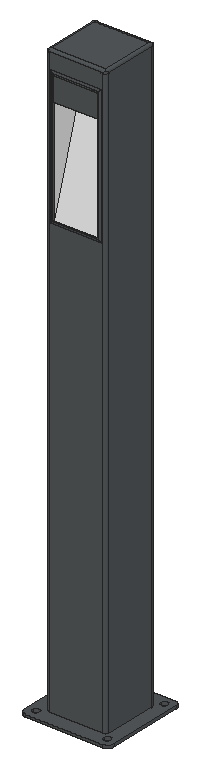
Revit family "svetilnik_alfresco_ar deko_dtu19", category Lighting Fixtures, Revit 2016 (continued)
Definition of nested family "Источник света Ар_Деко"
  Types (5, lengths in mm): name | Photometric Web File | built-in parameter 1150142
      .6      17.1\r\n      70.7     127.6     169.2     200.9     233.3     270.9     318.0     360.7\r\n     412.2     478.7     503.3     505.5     507.3     507.4     503.8     503.1\r\n     503.7     501.1     501.8     500.2     497.7     495.5     490.5     489.3\r\n     486.2     483.3     479.6     478.9     475.2     473.6     465.7     460.3\r\n     458.4     453.9     450.2     443.7     436.4     434.0     427.0     424.6\r\n     420.4     413.0     405.2     393.4     376.0     350.9     326.7     296.4\r\n     278.8     261.1     242.1     230.1     219.4     206.0     188.9     175.8\r\n     164.5     149.4     137.8     125.5     112.2      96.6      78.5      64.0\r\n      51.0      39.0      23.5       7.4       1.4       0.2       0.2       0.2\r\n       0.2       0.2       0.2       0.2       0.2       0.2       0.2       0.2\r\n       0.2       0.2       0.2       0.2       0.2       0.2       0.2       0.2\r\n       0.2       0.2       0.2       0.2       0.2       0.2       0.2       0.2\r\n       0.2       0.2       0.2       0.2       0.2       0.2       0.2       0.2\r\n       0.2       0.2       0.2       0.2       0.2       0.2       0.2       0.2\r\n       0.2       0.2       0.2       0.2       0.2       0.2       0.2       0.2\r\n       0.2       0.2       0.2       0.2       0.2       0.2       0.2       0.2\r\n       0.2       0.2       0.2       0.2       0.2       0.2       0.2       0.2\r\n       0.2       0.2       0.2       0.2       0.2       0.2       0.2       0.2\r\n       0.2       0.2       0.2       0.2       0.2       0.2       0.2       0.2\r\n       0.2       0.2       0.2       0.1       0.1       0.1       0.0       0.0\r\n       0.0       0.1       0.0       0.0       0.0\r\n       0.0       0.0       0.3       0.2       0.2       0.2       0.2       0.2\r\n       0.2       0.3       0.3       0.3       0.3       0.3       5.4      42.1\r\n     104.4     155.2     190.4     224.0     260.7     306.6     353.2     401.1\r\n     468.3     505.9     515.3     514.4     515.1     513.3     511.9     512.3\r\n     511.4     508.1     503.7     502.5     502.3     499.8     501.4     499.0\r\n     495.2     490.1     489.9     484.8     484.4     476.4     476.3     476.7\r\n     471.3     463.1     458.1     455.8     447.8     442.1     439.2     432.1\r\n     425.8     417.7     407.5     391.4     367.5     337.0     309.3     291.4\r\n     274.2     260.3     243.4     230.0     218.1     199.7     186.0     177.4\r\n     163.4     147.4     136.6     125.3     106.9      91.7      75.2      63.9\r\n      54.9      38.2      20.3       2.6       0.3       0.2       0.2       0.2\r\n       0.2       0.2       0.2       0.2       0.2       0.2       0.2       0.2\r\n       0.2       0.2       0.2       0.2       0.2       0.2       0.2       0.2\r\n       0.2       0.2       0.2       0.2       0.2       0.2       0.2       0.2\r\n       0.2       0.2       0.2       0.2       0.2       0.2       0.2       0.2\r\n       0.2       0.2       0.2       0.2       0.2       0.2       0.2       0.2\r\n       0.2       0.2       0.2       0.2       0.2       0.2       0.2       0.2\r\n       0.2       0.2       0.2       0.2       0.2       0.2       0.2       0.2\r\n       0.2       0.2       0.2       0.2       0.2       0.2       0.2       0.2\r\n       0.2       0.2       0.2       0.2       0.2       0.2       0.2       0.2\r\n       0.2       0.2       0.2       0.2       0.2       0.2       0.2       0.2\r\n       0.2       0.2       0.2       0.1       0.1       0.1       0.0       0.0\r\n       0.0       0.1       0.0       0.0       0.0\r\n       0.0       0.0       0.3       0.2       0.3       0.2       0.2       0.2\r\n       0.2       0.3       0.3       0.3       0.3       0.5      14.8      70.1\r\n     134.3     177.3     210.4     247.0     291.6     339.1     382.2     449.7\r\n     510.8     519.7     519.7     521.6     521.5     517.1     518.0     517.1\r\n     515.1     514.8     513.7     513.0     512.1     512.4     507.9     502.8\r\n     502.5     500.8     495.2     492.0     487.9     492.2     486.0     476.8\r\n     475.7     472.9     466.5     459.8     457.2     451.4     446.4     441.2\r\n     432.4     420.4     405.7     381.4     353.1     326.7     306.2     291.8\r\n     273.0     256.2     245.4     234.2     216.9     202.7     190.6     180.3\r\n     165.8     148.6     139.2     124.4     105.4      89.4      76.2      64.5\r\n      51.4      33.9      16.4       3.6       0.3       0.2       0.2       0.2\r\n       0.2       0.2       0.2       0.2       0.2       0.2       0.2       0.2\r\n       0.2       0.2       0.2       0.2       0.2       0.2       0.2       0.2\r\n       0.2       0.2       0.2       0.2       0.2       0.2       0.2       0.2\r\n       0.2       0.2       0.2       0.2       0.2       0.2       0.2       0.2\r\n       0.2       0.2       0.2       0.2       0.2       0.2       0.2       0.2\r\n       0.2       0.2       0.2       0.2       0.2       0.2       0.2       0.2\r\n       0.2       0.2       0.2       0.2       0.2       0.2       0.2       0.2\r\n       0.2       0.2       0.2       0.2       0.2       0.2       0.2       0.2\r\n       0.2       0.2       0.2       0.2       0.2       0.2       0.2       0.2\r\n       0.2       0.2       0.2       0.2       0.2       0.2       0.2       0.2\r\n       0.2       0.2       0.2       0.1       0.1       0.1       0.0       0.0\r\n       0.0       0.1       0.0       0.0       0.0\r\n       0.0       0.0       0.3       0.2       0.3       0.2       0.2       0.2\r\n       0.2       0.3       0.3       0.3       0.3       1.4      33.1      96.2\r\n     153.9     193.3     228.3     268.6     317.0     360.6     413.7     488.5\r\n     517.8     521.4     520.2     519.8     521.0     518.9     521.0     519.8\r\n     518.2     519.0     520.0     517.6     516.1     515.6     513.2     511.7\r\n     509.3     504.9     501.8     500.4     497.1     489.2     487.4     484.4\r\n     479.2     472.6     470.9     469.3     462.8     457.2     450.3     443.3\r\n     433.7     420.6     392.5     364.2     337.4     315.8     302.3     283.5\r\n     267.5     254.6     245.0     227.3     209.2     200.5     190.2     172.2\r\n     157.6     146.6     134.6     119.2     103.9      86.7      72.5      63.8\r\n      44.9      26.1       9.7       1.4       0.2       0.2       0.2       0.2\r\n       0.2       0.2       0.2       0.2       0.2       0.2       0.2       0.2\r\n       0.2       0.2       0.2       0.2       0.2       0.2       0.2       0.2\r\n       0.2       0.2       0.2       0.2       0.2       0.2       0.2       0.2\r\n       0.2       0.2       0.2       0.2       0.2       0.2       0.2       0.2\r\n       0.2       0.2       0.2       0.2       0.2       0.2       0.2       0.2\r\n       0.2       0.2       0.2       0.2       0.2       0.2       0.2       0.2\r\n       0.2       0.2       0.2       0.2       0.2       0.2       0.2       0.2\r\n       0.2       0.2       0.2       0.2       0.2       0.2       0.2       0.2\r\n       0.2       0.2       0.2       0.2       0.2       0.2       0.2       0.2\r\n       0.2       0.2       0.2       0.2       0.2       0.2       0.2       0.2\r\n       0.2       0.2       0.2       0.1       0.1       0.1       0.0       0.0\r\n       0.0       0.1       0.0       0.0       0.0\r\n       0.0       0.0       0.3       0.2       0.3       0.2       0.2       0.2\r\n       0.2       0.3       0.3       0.3       0.3       4.8      57.0     121.9\r\n     168.3     205.0     244.5     288.2     334.0     383.8     451.8     509.6\r\n     518.4     519.8     522.3     523.9     524.9     525.5     524.3     523.7\r\n     523.2     523.8     519.7     521.7     519.5     517.7     514.9     511.4\r\n     509.2     509.4     509.6     505.6     501.1     499.3     493.0     487.0\r\n     486.7     485.6     478.7     472.2     465.9     458.7     453.0     446.0\r\n     435.5     415.2     391.0     362.2     336.0     317.7     298.6     284.1\r\n     271.3     260.4     248.3     230.6     214.8     204.5     194.0     174.1\r\n     161.1     151.6     137.4     119.1     102.8      85.1      73.6      62.6\r\n      48.0      26.5       8.5       0.7       0.2       0.2       0.2       0.2\r\n       0.2       0.2       0.2       0.2       0.2       0.2       0.2       0.2\r\n       0.2       0.2       0.2       0.2       0.2       0.2       0.2       0.2\r\n       0.2       0.2       0.2       0.2       0.2       0.2       0.2       0.2\r\n       0.2       0.2       0.2       0.2       0.2       0.2       0.2       0.2\r\n       0.2       0.2       0.2       0.2       0.2       0.2       0.2       0.2\r\n       0.2       0.2       0.2       0.2       0.2       0.2       0.2       0.2\r\n       0.2       0.2       0.2       0.2       0.2       0.2       0.2       0.2\r\n       0.2       0.2       0.2       0.2       0.2       0.2       0.2       0.2\r\n       0.2       0.2       0.2       0.2       0.2       0.2       0.2       0.2\r\n       0.2       0.2       0.2       0.2       0.2       0.2       0.2       0.2\r\n       0.2       0.2       0.2       0.1       0.1       0.1       0.0       0.0\r\n       0.0       0.1       0.0       0.0       0.0\r\n       0.0       0.0       0.3       0.2       0.3       0.2       0.2       0.2\r\n       0.2       0.3       0.3       0.3       0.3      13.8      78.5     141.8\r\n     183.3     221.0     261.1     306.3     351.7     416.3     488.6     518.7\r\n     521.9     522.4     526.0     526.3     525.0     527.3     523.8     525.3\r\n     525.6     523.5     526.1     522.7     520.1     516.7     515.5     513.7\r\n     515.2     511.0     504.9     505.7     502.5     498.1     500.2     495.8\r\n     488.1     481.5     478.2     472.3     469.0     467.0     462.5     452.1\r\n     432.6     399.2     369.5     344.7     326.4     313.1     297.3     279.2\r\n     267.9     259.3     240.2     223.7     215.5     202.9     186.8     171.8\r\n     161.9     151.6     133.1     118.7      99.3      82.3      72.0      54.8\r\n      35.6      17.2       4.5       0.5       0.2       0.2       0.2       0.2\r\n       0.2       0.2       0.2       0.2       0.2       0.2       0.2       0.2\r\n       0.2       0.2       0.2       0.2       0.2       0.2       0.2       0.2\r\n       0.2       0.2       0.2       0.2       0.2       0.2       0.2       0.2\r\n       0.2       0.2       0.2       0.2       0.2       0.2       0.2       0.2\r\n       0.2       0.2       0.2       0.2       0.2       0.2       0.2       0.2\r\n       0.2       0.2       0.2       0.2       0.2       0.2       0.2       0.2\r\n       0.2       0.2       0.2       0.2       0.2       0.2       0.2       0.2\r\n       0.2       0.2       0.2       0.2       0.2       0.2       0.2       0.2\r\n       0.2       0.2       0.2       0.2       0.2       0.2       0.2       0.2\r\n       0.2       0.2       0.2       0.2       0.2       0.3       0.3       0.2\r\n       0.2       0.2       0.2       0.1       0.1       0.1       0.0       0.1\r\n       0.1       0.1       0.0       0.0       0.0\r\n       0.0       0.0       0.3       0.2       0.3       0.2       0.2       0.2\r\n       0.3       0.3       0.3       0.3       0.5      27.7      98.1     156.7\r\n     200.1     240.8     281.7     327.0     377.5     451.7     514.6     526.2\r\n     529.5     531.5     530.1     530.7     529.3     528.6     530.3     530.2\r\n     529.8     527.5     522.1     524.1     526.6     526.8     524.1     522.6\r\n     519.6     522.4     516.4     510.0     506.4     505.1     499.7     491.9\r\n     490.7     487.4     483.4     481.6     474.6     465.6     458.0     439.7\r\n     418.2     393.1     365.6     343.1     326.1     307.9     292.8     280.7\r\n     271.9     258.6     239.0     222.4     212.3     202.2     182.4     168.8\r\n     160.2     144.4     130.1     111.9      95.2      81.1      72.6      59.8\r\n      40.0      17.4       2.3       0.2       0.2       0.2       0.2       0.2\r\n       0.2       0.2       0.2       0.2       0.2       0.2       0.2       0.2\r\n       0.2       0.2       0.2       0.2       0.2       0.2       0.2       0.2\r\n       0.2       0.2       0.2       0.2       0.2       0.2       0.2       0.2\r\n       0.2       0.2       0.2       0.2       0.2       0.2       0.2       0.2\r\n       0.2       0.2       0.2       0.2       0.2       0.2       0.2       0.2\r\n       0.2       0.2       0.2       0.2       0.2       0.2       0.2       0.2\r\n       0.2       0.2       0.2       0.2       0.2       0.2       0.2       0.2\r\n       0.2       0.2       0.2       0.2       0.2       0.2       0.2       0.2\r\n       0.2       0.2       0.2       0.2       0.2       0.2       0.2       0.2\r\n       0.2       0.2       0.2       0.2       0.2       0.3       0.3       0.2\r\n       0.2       0.2       0.2       0.1       0.1       0.1       0.0       0.1\r\n       0.1       0.1       0.0       0.0       0.0\r\n       0.0       0.0       0.3       0.2       0.3       0.2       0.2       0.2\r\n       0.3       0.3       0.3       0.3       0.9      43.2     115.9     169.9\r\n     214.3     254.2     298.3     350.3     408.5     488.3     531.2     535.2\r\n     535.3     536.0     534.6     532.2     532.0     533.0     531.1     529.1\r\n     526.0     528.2     531.8     529.5     529.6     528.6     522.4     522.1\r\n     518.2     512.8     509.7     508.5     506.5     505.9     500.0     498.0\r\n     496.0     491.2     485.8     478.5     476.8     470.8     460.2     442.0\r\n     412.6     383.3     355.3     338.2     325.9     308.0     291.6     278.3\r\n     265.0     247.2     230.5     223.1     214.2     199.4     180.5     171.7\r\n     164.3     145.1     126.6     107.6      90.0      79.9      66.5      49.2\r\n      30.2      11.2       0.9       0.2       0.2       0.2       0.2       0.2\r\n       0.2       0.2       0.2       0.2       0.2       0.2       0.2       0.2\r\n       0.2       0.2       0.2       0.2       0.2       0.2       0.2       0.2\r\n       0.2       0.2       0.2       0.2       0.2       0.2       0.2       0.2\r\n       0.2       0.2       0.2       0.2       0.2       0.2       0.2       0.2\r\n       0.2       0.2       0.2       0.2       0.2       0.2       0.2       0.2\r\n       0.2       0.2       0.2       0.2       0.2       0.2       0.2       0.2\r\n       0.2       0.2       0.2       0.2       0.2       0.2       0.2       0.2\r\n       0.2       0.2       0.2       0.2       0.3       0.2       0.2       0.2\r\n       0.2       0.2       0.2       0.2       0.2       0.2       0.2       0.2\r\n       0.2       0.2       0.3       0.3       0.2       0.3       0.3       0.2\r\n       0.2       0.2       0.2       0.1       0.1       0.1       0.1       0.1\r\n       0.1       0.1       0.0       0.0       0.0\r\n       0.0       0.0       0.3       0.2       0.3       0.2       0.2       0.2\r\n       0.3       0.3       0.3       0.3       2.0      60.9     130.4     179.8\r\n     221.7     258.7     308.2     361.1     432.1     516.3     537.6     537.3\r\n     537.1     535.2     532.5     533.8     533.3     533.0     531.4     529.7\r\n     532.8     530.8     529.4     525.7     520.0     520.7     518.7     518.2\r\n     517.4     514.0     514.6     510.8     506.0     504.1     501.9     498.7\r\n     494.7     491.4     490.1     485.6     479.9     469.5     451.1     431.8\r\n     405.0     374.5     351.7     334.2     322.0     301.8     287.1     281.6\r\n     267.1     247.4     233.7     224.9     213.1     196.7     183.6     173.3\r\n     162.7     142.5     125.3     105.4      90.3      81.3      66.3      50.3\r\n      31.3      11.8       1.5       0.2       0.2       0.2       0.2       0.2\r\n       0.2       0.2       0.2       0.2       0.2       0.2       0.2       0.2\r\n       0.2       0.2       0.2       0.2       0.2       0.2       0.2       0.2\r\n       0.2       0.2       0.2       0.2       0.2       0.2       0.2       0.2\r\n       0.2       0.2       0.2       0.2       0.2       0.2       0.2       0.2\r\n       0.2       0.2       0.2       0.2       0.2       0.2       0.2  
           0.2\r\n       0.2       0.2       0.2       0.2       0.2       0.2       0.2       0.2\r\n       0.2       0.2       0.2       0.2       0.2       0.2       0.2       0.2\r\n       0.2       0.2       0.2       0.2       0.3       0.2       0.2       0.2\r\n       0.2       0.2       0.3       0.3       0.2       0.3       0.3       0.3\r\n       0.3       0.3       0.3       0.2       0.2       0.3       0.3       0.2\r\n       0.2       0.2       0.2       0.2       0.1       0.1       0.1       0.1\r\n       0.1       0.1       0.0       0.0       0.0\r\n       0.0       0.0       0.3       0.2       0.3       0.2       0.2       0.2\r\n       0.3       0.3       0.3       0.3       4.6      78.9     142.8     185.9\r\n     223.5     262.1     318.1     370.2     458.1     526.7     535.8     533.9\r\n     533.3     532.6     534.8     534.8     534.7     533.1     535.8     535.6\r\n     535.7     535.4     531.6     532.7     531.1     524.8     522.6     522.4\r\n     517.1     515.0     512.4     511.3     510.4     507.2     504.4     500.2\r\n     495.5     493.1     489.6     486.2     479.2     471.1     450.6     421.7\r\n     391.2     365.6     348.9     339.1     318.4     302.9     291.3     277.1\r\n     263.7     243.6     235.5     228.9     210.2     192.3     180.0     172.6\r\n     155.7     137.7     122.3     103.6      91.6      83.6      66.9      43.2\r\n      19.9       5.3       0.9       0.2       0.2       0.2       0.2       0.2\r\n       0.2       0.2       0.2       0.2       0.2       0.2       0.2       0.2\r\n       0.2       0.2       0.2       0.2       0.2       0.2       0.2       0.2\r\n       0.2       0.2       0.2       0.2       0.2       0.2       0.2       0.2\r\n       0.2       0.2       0.2       0.2       0.2       0.2       0.2       0.2\r\n       0.2       0.2       0.2       0.2       0.2       0.2       0.2       0.2\r\n       0.2       0.2       0.2       0.2       0.2       0.2       0.2       0.2\r\n       0.2       0.2       0.2       0.2       0.2       0.2       0.2       0.2\r\n       0.2       0.2       0.2       0.3       0.3       0.3       0.2       0.3\r\n       0.2       0.3       0.3       0.3       0.3       0.3       0.3       0.3\r\n       0.3       0.3       0.3       0.3       0.2       0.3       0.3       0.3\r\n       0.3       0.2       0.2       0.2       0.1       0.1       0.1       0.1\r\n       0.1       0.1       0.0       0.0       0.0\r\n       0.0       0.0       0.3       0.2       0.3       0.2       0.2       0.2\r\n       0.3       0.4       0.3       0.4      10.6      91.2     152.8     193.3\r\n     230.4     273.9     332.1     387.0     483.5     527.0     529.1     529.4\r\n     531.5     532.1     536.3     536.5     537.8     536.7     535.4     534.9\r\n     532.4     531.9     530.5     529.1     529.4     528.0     526.3     524.6\r\n     525.1     522.4     517.3     512.3     511.7     507.9     504.6     502.8\r\n     500.7     498.3     492.5     485.9     477.2     465.6     443.3     418.5\r\n     391.4     362.9     344.9     330.7     313.0     297.6     290.6     281.1\r\n     263.8     246.0     234.3     224.1     209.5     195.4     181.9     171.7\r\n     155.3     138.6     124.0     103.1      91.1      79.4      62.1      44.5\r\n      23.2       5.7       0.5       0.2       0.2       0.2       0.2       0.2\r\n       0.2       0.2       0.2       0.2       0.2       0.2       0.2       0.2\r\n       0.2       0.2       0.2       0.2       0.2       0.2       0.2       0.2\r\n       0.2       0.2       0.2       0.2       0.2       0.2       0.2       0.2\r\n       0.2       0.2       0.2       0.2       0.2       0.2       0.2       0.2\r\n       0.2       0.2       0.2       0.2       0.2       0.2       0.2       0.2\r\n       0.2       0.2       0.2       0.2       0.2       0.2       0.2       0.2\r\n       0.2       0.2       0.2       0.2       0.2       0.2       0.2       0.3\r\n       0.3       0.3       0.2       0.3       0.3       0.3       0.3       0.3\r\n       0.3       0.3       0.3       0.3       0.3       0.3       0.3       0.3\r\n       0.3       0.3       0.3       0.3       0.3       0.3       0.3       0.3\r\n       0.3       0.2       0.2       0.2       0.1       0.1       0.1       0.1\r\n       0.1       0.1       0.0       0.0       0.0\r\n       0.0       0.0       0.3       0.2       0.3       0.2       0.2       0.2\r\n       0.3       0.4       0.3       0.4      19.5      97.9     159.2     203.3\r\n     245.7     295.2     350.0     404.0     496.9     525.7     524.4     525.9\r\n     528.8     531.2     533.4     534.8     536.6     538.5     538.2     539.2\r\n     538.2     540.7     540.6     536.5     534.0     532.2     531.4     526.1\r\n     526.9     524.4     521.8     521.5     519.9     514.6     513.7     509.8\r\n     498.4     495.1     493.8     488.0     480.8     466.4     440.6     408.7\r\n     379.6     362.8     346.4     330.2     310.8     298.1     290.5     272.1\r\n     256.8     243.4     235.9     223.3     203.5     188.3     179.2     168.8\r\n     150.6     134.1     115.7     101.8      91.0      78.6      60.2      38.3\r\n      17.5       3.9       0.6       0.2       0.2       0.2       0.2       0.2\r\n       0.2       0.2       0.2       0.2       0.2       0.2       0.2       0.2\r\n       0.2       0.2       0.2       0.2       0.2       0.2       0.2       0.2\r\n       0.2       0.2       0.2       0.2       0.2       0.2       0.2       0.2\r\n       0.2       0.2       0.2       0.2       0.2       0.2       0.2       0.2\r\n       0.2       0.2       0.2       0.2       0.2       0.2       0.2       0.2\r\n       0.2       0.2       0.2       0.3       0.2       0.2       0.3       0.2\r\n       0.2       0.2       0.3       0.2       0.3       0.2       0.3       0.3\r\n       0.3       0.3       0.3       0.3       0.3       0.3       0.3       0.3\r\n       0.3       0.3       0.3       0.3       0.3       0.3       0.3       0.3\r\n       0.3       0.3       0.3       0.3       0.3       0.3       0.3       0.3\r\n       0.3       0.3       0.3       0.2       0.1       0.1       0.1       0.1\r\n       0.1       0.1       0.0       0.0       0.0\r\n       0.0       0.0       0.3       0.2       0.3       0.2       0.2       0.2\r\n       0.3       0.4       0.3       0.4      27.1     103.7     162.8     210.4\r\n     255.5     309.3     364.3     425.8     510.3     529.1     530.1     531.7\r\n     534.6     534.5     535.2     538.5     534.0     540.3     539.5     538.3\r\n     540.7     536.3     536.0     536.8     535.5     531.1     530.8     530.1\r\n     526.4     524.1     525.1     522.4     521.5     515.4     513.3     512.8\r\n     508.9     506.9     502.3     496.8     490.9     468.4     443.5     414.8\r\n     386.1     363.2     350.0     332.8     313.4     300.0     291.4     276.8\r\n     258.7     244.6     235.6     223.8     206.8     194.0     185.6     173.6\r\n     152.3     136.6     116.8      97.9      87.4      74.9      59.9      38.1\r\n      17.2       2.9       0.3       0.3       0.2       0.2       0.2       0.3\r\n       0.2       0.2       0.3       0.3       0.2       0.2       0.2       0.2\r\n       0.2       0.2       0.2       0.2       0.2       0.2       0.2       0.2\r\n       0.3       0.2       0.2       0.2       0.2       0.2       0.3       0.2\r\n       0.2       0.2       0.2       0.3       0.3       0.3       0.3       0.2\r\n       0.2       0.3       0.2       0.3       0.3       0.3       0.3       0.3\r\n       0.3       0.3       0.3       0.3       0.3       0.3       0.3       0.3\r\n       0.3       0.3       0.3       0.3       0.3       0.3       0.3       0.3\r\n       0.3       0.3       0.3       0.3       0.3       0.3       0.3       0.3\r\n       0.3       0.3       0.3       0.3       0.3       0.3       0.3       0.3\r\n       0.3       0.3       0.3       0.3       0.3       0.3       0.3       0.3\r\n       0.3       0.3       0.3       0.2       0.1       0.1       0.1       0.1\r\n       0.1       0.1       0.0       0.0       0.0\r\n       0.0       0.0       0.3       0.2       0.3       0.2       0.2       0.2\r\n       0.3       0.4       0.3       0.6      31.4     109.5     166.2     212.1\r\n     254.3     309.1     362.6     435.6     513.3     535.3     537.2     539.5\r\n     537.0     540.4     539.5     539.5     539.6     539.4     537.3     538.8\r\n     537.9     538.1     537.0     536.2     539.1     541.1     538.4     538.2\r\n     538.6     537.6     532.5     525.5     520.7     518.0     517.1     513.8\r\n     508.3     506.1     504.3     499.0     484.4     463.9     431.7     401.4\r\n     376.5     358.3     347.3     327.1     306.1     298.5     290.2     274.7\r\n     259.1     247.4     238.4     223.1     203.6     190.6     182.0     167.2\r\n     147.1     131.8     112.2      98.5      88.8      76.2      56.0      35.6\r\n      16.4       2.5       0.3       0.3       0.3       0.3       0.3       0.3\r\n       0.3       0.3       0.3       0.3       0.3       0.3       0.3       0.3\r\n       0.3       0.3       0.3       0.3       0.3       0.3       0.3       0.3\r\n       0.3       0.3       0.3       0.3       0.3       0.3       0.3       0.3\r\n       0.3       0.3       0.3       0.3       0.3       0.3       0.3       0.3\r\n       0.3       0.3       0.3       0.3       0.3       0.3       0.3       0.3\r\n       0.3       0.3       0.3       0.3       0.3       0.3       0.3       0.3\r\n       0.3       0.3       0.3       0.3       0.3       0.3       0.3       0.3\r\n       0.3       0.3       0.3       0.3       0.3       0.3       0.3       0.3\r\n       0.3       0.3       0.3       0.3       0.3       0.3       0.3       0.3\r\n       0.3       0.3       0.3       0.3       0.3       0.3       0.3       0.3\r\n       0.3       0.3       0.3       0.2       0.1       0.1       0.1       0.1\r\n       0.1       0.1       0.0       0.0       0.0\r\n       0.0       0.0       0.3       0.2       0.3       0.2       0.2       0.2\r\n       0.3       0.4       0.3       0.7      35.3     114.3     169.4     211.3\r\n     250.7     303.9     354.9     436.0     514.4     537.1     540.8     543.3\r\n     541.3     544.1     541.7     541.0     541.5     539.4     542.7     541.0\r\n     540.1     542.3     542.6     540.3     537.2     536.8     537.3     537.3\r\n     535.5     532.3     527.4     527.7     528.8     527.2     521.5     520.9\r\n     517.6     510.3     502.1     495.9     483.4     457.5     430.2     403.3\r\n     375.2     356.3     343.1     328.7     313.9     303.7     291.4     268.9\r\n     251.3     243.9     234.3     221.1     204.0     192.2     185.5     172.6\r\n     151.8     135.7     114.9      99.8      87.9      71.9      54.3      36.2\r\n      11.9       1.9       0.3       0.3       0.3       0.3       0.3       0.3\r\n       0.3       0.3       0.3       0.3       0.3       0.3       0.3       0.3\r\n       0.3       0.3       0.3       0.3       0.3       0.3       0.3       0.3\r\n       0.3       0.3       0.3       0.3       0.3       0.3       0.3       0.3\r\n       0.3       0.3       0.3       0.3       0.3       0.3       0.3       0.3\r\n       0.3       0.3       0.3       0.3       0.3       0.3       0.3       0.3\r\n       0.3       0.3       0.3       0.3       0.3       0.3       0.3       0.3\r\n       0.3       0.3       0.3       0.3       0.3       0.3       0.3       0.3\r\n       0.3       0.3       0.3       0.3       0.3       0.3       0.3       0.3\r\n       0.3       0.3       0.3       0.3       0.3       0.3       0.3       0.3\r\n       0.3       0.3       0.3       0.3       0.4       0.3       0.3       0.3\r\n       0.3       0.3       0.3       0.2       0.1       0.1       0.1       0.1\r\n       0.1       0.1       0.0       0.0       0.0\r\n       0.0       0.0       0.3       0.2       0.3       0.2       0.2       0.2\r\n       0.3       0.4       0.3       0.7      40.0     116.6     170.4     211.8\r\n     252.8     307.4     357.2     439.0     514.5     533.9     539.0     540.9\r\n     541.5     540.2     540.5     542.9     542.6     541.7     538.4     538.3\r\n     537.7     537.4     538.8     542.3     537.9     537.5     538.0     534.0\r\n     531.1     530.1     530.4     528.4     524.9     526.0     523.7     518.4\r\n     512.6     507.1     501.8     494.2     478.4     454.0     426.9     395.5\r\n     372.9     358.1     341.9     323.2     309.6     299.7     288.2     270.6\r\n     252.3     243.9     234.1     218.3     203.0     193.9     184.1     168.5\r\n     147.5     130.7     109.3      94.1      86.6      74.5      54.5      28.8\r\n      12.5       2.7       0.4       0.3       0.3       0.3       0.3       0.3\r\n       0.3       0.3       0.3       0.3       0.3       0.3       0.3       0.3\r\n       0.3       0.3       0.3       0.3       0.3       0.3       0.3       0.3\r\n       0.3       0.3       0.3       0.3       0.3       0.3       0.3       0.3\r\n       0.3       0.3       0.3       0.3       0.3       0.3       0.3       0.3\r\n       0.3       0.3       0.3       0.3       0.3       0.3       0.3       0.3\r\n       0.3       0.4       0.3       0.3       0.3       0.3       0.3       0.3\r\n       0.3       0.3       0.3       0.3       0.4       0.4       0.3       0.4\r\n       0.4       0.4       0.3       0.4       0.4       0.4       0.4       0.3\r\n       0.3       0.3       0.4       0.4       0.4       0.3       0.3       0.4\r\n       0.3       0.3       0.3       0.3       0.4       0.3       0.3       0.3\r\n       0.3       0.3       0.3       0.2       0.1       0.1       0.1       0.1\r\n       0.1       0.1       0.0       0.0       0.0\r\n"
